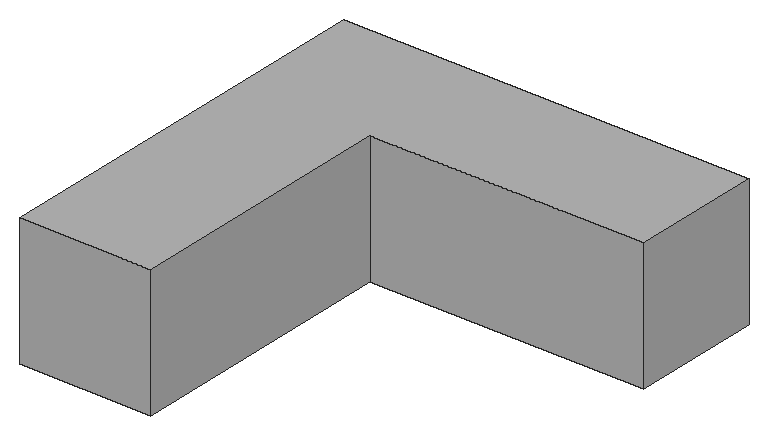
Revit family "215x215x665x665mm Corner Padstone -PS162", category Generic Models, Revit 2020
Family settings
  Can host rebar = No
  Round Connector Dimension = Use Diameter
  Part Type = Normal
  Work Plane-Based = No
  Always vertical = Yes
  Cut with Voids When Loaded = No
  Shared = No
  Room Calculation Point = No
Parameters
  Weight = "124Kg"
  Warranty Guarantor Parts = "n/a"
  Warranty Guarantor Labour = "n/a"
  Warranty Duration Unit = "n/a"
  Warranty Duration Parts = "n/a"
  Warranty Duration Labour = "n/a"
  Warranty Description = "n/a"
  Unit Width [instance] = 215 mm
  Unit Length [instance] = 665 mm
  Unit Height [instance] = 215 mm
  URL = "www.killeshal.com"
  Types = "Single"
  Type Comments = "Visit our website for a full list of available products."
  Sustainability Performance = "n/a"
  Structural Class = "n/a"
  Span = "Length."
  Slope = "0.00°"
  Size = "215 Wide x 215 High x 665mm Long Corner."
  Shape = "As per drawing"
  Service Life = "0.000000"
  Serial Number = "n/a"
  Resistance to Fire = "n/a"
  Replacement Cost = "n/a"
  Reference = "n/a"
  Notified Body = "n/a"
  Nominal Cover to Main Bar = "n/a"
  Model = "P/162 Padstone."
  Mechanical Resistance = "n/a"
  Manufacturer = "Killeshal Precast Concrete Ltd."
  Load Bearing = yes
  Life Cycle Environmental Load = "n/a"
  Length Options = "Stock sizes available. Custom sizes made to order."
  Keynote = "The information contained is the sole property of KPC Ltd., any reproduction in part or whole without permission of KPC Ltd. is prohibited."
  Environmental Product Declaration = "n/a"
  Environmental Class = "n/a"
  Durability against Corrosion = "n/a"
  Dimension Accuracy Class = "n/a"
  Detailing = "As per design specification and product drawings."
  Description = "Padstone 215 x 215 x 665 x 665mm."
  Default Elevation = 0 mm
  Dangerous Substances = "n/a"
  Contact Tel = "0035357 9353018"
  Contact Email = "sales@killeshal.com"
  Construction Type = "Precast"
  Construction Tolerance Class = "n/a"
  Compressive Strength of Concrete = "40N/mm²"
  Characteristics of Reinforcing Steel = "n/a"
  Characteristics Deflection Under Load = "n/a"
Reference planes
  plane 1 "Center (Front/Back)": y = 0
  plane 2: z = 0
  plane 3 "Center (Left/Right)": x = 0
  plane 4 "Rear": y = 107.5
  plane 5 "Front": y = -107.5
  plane 6 "Top": z = 215
  plane 7: x = 215
Forms (mm)
  Extrusion 1, solid, material "Precast Concrete (KPC)"
    sketch origin (0, 0, 0) x (0, 1, 0) y (0, 0, 1)
      loop
        line (107.5, 0) -> (107.5, 215) -> (-107.5, 215) -> (-107.5, 0) -> (107.5, 0)
    from 0 to 665
  Extrusion 2, solid, material "Precast Concrete (KPC)"
    sketch origin (0, 0, 0) x (1, 0, 0) y (0, 0, 1)
      loop
        line (0, 0) -> (215, 0) -> (215, 215) -> (0, 215) -> (0, 0)
    from 107.5 to 557.5
Cuts and joins
  joined: Extrusion 1, Extrusion 2
Dimensions and locks
  "Unit Length": Extrusion 1 to Extrusion 1
  "Unit Width": Extrusion 1 to Extrusion 1
  "Unit Height": Extrusion 1 to Extrusion 1
  Extrusion 1 to Extrusion 2 = 665 mm
  cut or joined group of Extrusion 1, Extrusion 2 to cut or joined group of Extrusion 1, Extrusion 2 = 665 mm  (x2)
  cut or joined group of Extrusion 1, Extrusion 2 to cut or joined group of Extrusion 1, Extrusion 2 = 215 mm  (x5)
  cut or joined group of Extrusion 1, Extrusion 2 to cut or joined group of Extrusion 1, Extrusion 2 = 450 mm  (x2)
  aligned and locked: level to plane 2
Automatic sketch dimensions
  Extrusion 1 sketch curve to level = 0 mm
  Extrusion 1 sketch curve to plane 5 "Front" = 0 mm
  Extrusion 1 sketch curve to plane 4 "Rear" = 0 mm
  Extrusion 1 sketch curve to plane 6 "Top" = 0 mm
  Extrusion 2 sketch curve to plane 3 "Center (Left/Right)" = 0 mm
  Extrusion 2 sketch curve to plane 6 "Top" = 0 mm
  plane 7 to Extrusion 2 sketch curve = 0 mm
  Extrusion 2 sketch curve to level = 0 mm
